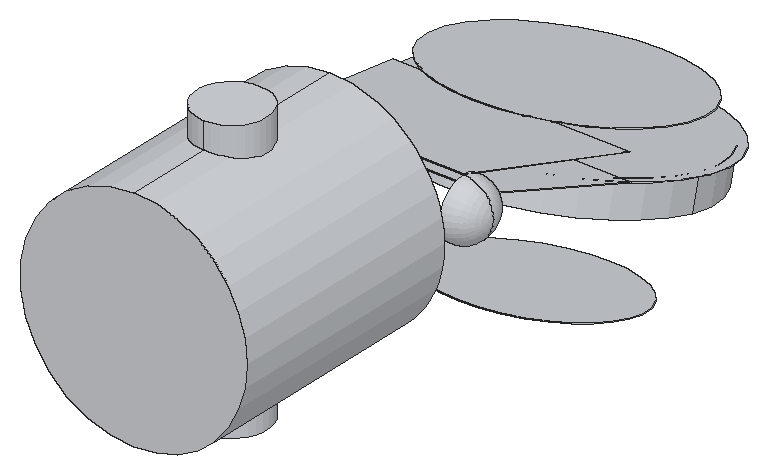
Revit family "LS_W_Praesenzmelder_V1700", category Lichtschalter, Revit 2017
Family settings
  Beschriftungsausrichtung beibehalten = Nein
  Bemaßung runder Anschluss = Durchmesser verwenden
  Teiletyp = Schalter
  OmniClass-Nummer = 23.80.70.00
  OmniClass-Titel = Lighting
  Arbeitsebenenbasiert = Nein
  Immer vertikal = Ja
  Beim Laden mit Abzugskörper schneiden = Nein
  Gemeinsam genutzt = Nein
  Raumberechnungspunkt = Nein
Parameters (values of type "Beleuchtung")
  pbr_Material_KZ = ""
  pbr_Material = none
  pbr_E_Typ = ""
  pbr_E_KZ = ""
  pbr_DINBild = 0
  pbr_Bild = 0
  pbr_3Dx_Delta_Korrekturversatz [instance] = 0 mm
  pbr_3DX_Versatzfaktor [instance] = 0
  pbr_2DY_Versatzfaktor [instance] = 0
  pbr_2DX_Versatzfaktor [instance] = 0
  lfd_STRK [instance] = 0
  cpiFitMatchKey [instance] = "E-BM"  # constant formula
  Zentrale [instance] = ""
  W_Präsenzmelder Beleuchtung = yes
  Typ [instance] = ""
  Text3 [instance] = ""
  Text2 [instance] = ""
  Text1 [instance] = ""
  Schaltgruppe2 [instance] = 0
  Schaltgruppe1 [instance] = 0
  Planungsbüro Rohling = "www.pbr.de"
  Netzart = ""
  Menge(Dosenzahl) [instance] = 0
  Linie/Anschluss [instance] = ""
  Lastklassifizierung = none
  Installationsart [instance] = ""
  Infrarot-Bewegungsmelder = no
  Info [instance] = ""
  Gewerk [instance] = "Schalt"
  Eckversatz [instance] = 0 mm
  YFrontversatz [instance] = if(pbr_2DY_Versatzfaktor = 300, 0 mm, pbr_2DY_Versatzfaktor * 300 mm)  # 0 mm
  XSeitenversatz [instance] = if(pbr_2DX_Versatzfaktor = 0, 3000 mm, 3000 mm + (pbr_2DX_Versatzfaktor * 300 mm)) + Eckversatz  # 3000 mm
  R_Leerrohranschluss = 10 mm
  Niveau [instance] = 1100 mm
  Dosentiefe = 70 mm  # constant formula
  Dosenradius = 65 mm / 2  # 32.5 mm
  D_Leerrohranschluss = 2 * R_Leerrohranschluss  # 20 mm
  Breite = 80 mm
  Bewegungsmelder Unterputz = no
  Bewegungsmelder Beleuchtung = no
  3DX_Versatzkontrolle [instance] = if(pbr_3DX_Versatzfaktor = 0, (pbr_2DX_Versatzfaktor * -1), (((-1 * pbr_3DX_Versatzfaktor) + pbr_2DX_Versatzfaktor) * -1))  # 0
  3DX_Versatz [instance] = if([3DX_Versatzkontrolle] = 0, 2000 mm, 2000 mm + ([3DX_Versatzkontrolle] * (300 mm - Breite))) + pbr_3Dx_Delta_Korrekturversatz  # 2000 mm
  Platzierrahmen [instance] = no
Reference planes
  plane 1 "Mitte (Vorne/Hinten)": y = 0
  plane 2: z = 0
  plane 3 "Mitte (Links/Rechts)": x = 0
  plane 4: x = -125
  plane 5: x = 125
  plane 6: y = 300
  plane 7 "Schalterhinten": y = 0
  plane 8: x = 0
  plane 9: x = -2000
  plane 10: x = -40
  plane 11: x = 40
  plane 12: z = 1140
  plane 13: z = 1060
  plane 14 "SchalterVorne": y = 5
  plane 15 "3DSchalterMitte": x = 0
  plane 16: z = 1100
  plane 17: y = -70
  plane 18: y = -35
Forms (mm)
  Sweep 1, solid
    path origin (0, 0, 0) x (0, 0, 1) y (0, -1, 0)
      loop
        line (1100, 0) -> (1100, 70)
    profile origin (0, -35, 1100) x (0, 0, -1) y (1, 0, 0)
      loop
        circle (0, 0) r 32.5
  Sweep 2, solid
    path origin (0, 0, 0) x (0, 0, 1) y (0, -1, 0)
      loop
        line (1060, 35) -> (1140, 35)
    profile origin (0, -35, 1100) x (0, -1, 0) y (1, 0, 0)
      loop
        circle (0, 0) r 10
  Extrusion 3, solid
    sketch origin (240, 79.594, 1075.606) x (1, 0, 0) y (0, 0.970143, -0.242536)
      loop
        circle (-240, 0) r 39.95
    from 0 to 10
  Extrusion 4, solid
    sketch origin (248.5, 14.5, 1091.5) x (1, 0, 0) y (0, 1, 0)
      loop
        line (-240, 0) -> (-257, 0) -> (-257, -14.5) -> (-240, -14.5) -> (-240, 0)
    from 0 to 17
  Extrusion 5, solid
    sketch origin (240, 82.019, 1085.308) x (1, 0, 0) y (0, 0.970143, -0.242536)
      loop
        circle (-240, 0) r 42.5
    from -0.1 to 0.1
  Extrusion 6, solid
    sketch origin (240, 84.444, 1095.009) x (1, 0, 0) y (0, 0.970143, -0.242536)
      loop
        circle (-240, 0) r 34.85
    from -0.1 to 0.1
  Extrusion 7, solid
    sketch origin (240, 72.56, 1047.472) x (1, 0, 0) y (0, 0.970143, -0.242536)
      loop
        circle (-240, 0) r 27.625
    from -0.1 to 0.1
  Extrusion 8, solid
    sketch origin (265.5, 15.75, 1108.5) x (1, 0, 0) y (0, -0.968051, 0.250755)
      loop
        line (-291, 0) -> (-299.362, -50.367) -> (-231.638, -50.367) -> (-240, 0) -> (-291, 0)
    from -0.1 to 0.1
  Extrusion 9, solid
    sketch origin (265.5, 24.25, 1100) x (1, 0, 0) y (0, -0.96859, 0.248665)
      loop
        line (-291, 0) -> (-302.306, -38.358) -> (-228.694, -38.358) -> (-240, 0) -> (-291, 0)
    from -0.1 to 0.1
  Revolve 10, solid
    sketch origin (214.5, 15.75, 1100) x (0, 0, 1) y (1, 0, 0)
      loop
        arc (-8.5, -240) -> (-6.01, -246.01) -> (0, -248.5) r 8.5
        line (0, -248.5) -> (0, -247.7)
        arc (0, -247.7) -> (-5.445, -245.445) -> (-7.7, -240) r 7.7
        line (-7.7, -240) -> (-8.5, -240)
      axis (0, -240) -> (0, -248.5)
    angle from 0 to 360
  Revolve 11, solid
    sketch origin (265.5, 15.75, 1100) x (0, 0, 1) y (1, 0, 0)
      loop
        arc (8.5, -240) -> (6.01, -233.99) -> (0, -231.5) r 8.5
        line (0, -231.5) -> (0, -232.3)
        arc (0, -232.3) -> (5.445, -234.555) -> (7.7, -240) r 7.7
        line (7.7, -240) -> (8.5, -240)
      axis (0, -240) -> (0, -231.5)
    angle from 0 to 360
Cuts and joins
  joined: Sweep 1, Sweep 2
Lines and regions (mm)
  model lines, visible <- "Platzierrahmen"
    curve 1: line (-125, 0, 0) -> (125, 0, 0)
    curve 2: line (-125, 300, 0) -> (-125, 0, 0)
    curve 3: line (125, 300, 0) -> (-125, 300, 0)
    curve 4: line (125, 0, 0) -> (125, 300, 0)
  model lines
    curve 5: arc (-33.862, 64.508, 1095.87) -> (0, 45.542, 1100.612) -> (33.862, 64.508, 1095.87) r 39.1
    curve 6: arc (-36.806, 61.403, 1090.462) -> (0, 40.788, 1095.616) -> (36.806, 61.403, 1090.462) r 42.5
  model lines, style "InvisibleLines"
    curve 7: line (0, 139.5, 1100) -> (0, -40.5, 1100)
  model lines, style "InvisibleLines", detail levels coarse
    curve 8: line (-60, -21.75, 1100) -> (70, -21.75, 1100)
Dimensions and locks
  plane 4 to plane 5 = 250 mm
  plane 6 to plane 7 "Schalterhinten" = 300 mm
  equal spacing: plane 4, plane 8, plane 5, locked at 125 each
  "YFrontversatz": plane 1 "Mitte (Vorne/Hinten)" to plane 7 "Schalterhinten"
  plane 11 to plane 10 = 80 mm
  plane 12 to plane 13 = 80 mm
  plane 8 to plane 9 = 2000 mm
  equal spacing: plane 11, plane 15 "3DSchalterMitte", plane 10
  "3DX_Versatz": plane 15 "3DSchalterMitte" to plane 9
  equal spacing: plane 12, plane 16, plane 13
  "Niveau": plane 16 to level
  "Dosentiefe": plane 1 "Mitte (Vorne/Hinten)" to plane 17
  plane 14 "SchalterVorne" to plane 1 "Mitte (Vorne/Hinten)" = 5 mm
  equal spacing: plane 17, plane 18, plane 1 "Mitte (Vorne/Hinten)"
  locked: plane 8 to plane 9 at 2000
  "Breite": plane 11 to plane 10
  "Dosenradius": radius of Sweep 1 sketch curve
  "R_Leerrohranschluss": radius of Sweep 2 sketch curve
  aligned and locked: level to plane 2
  aligned and locked: curve 1 to plane 7 "Schalterhinten"
  aligned and locked: curve 2 to plane 4
  aligned and locked: curve 3 to plane 6
  aligned and locked: plane 5 to curve 4
  aligned and locked: curve 7 to plane 15 "3DSchalterMitte"
  aligned and locked: plane 1 "Mitte (Vorne/Hinten)" to Extrusion 4
  aligned and locked: curve 7 to plane 16
  aligned and locked: nested 1 to plane 8
  aligned and locked: nested 1 to plane 7 "Schalterhinten"
Automatic sketch dimensions
  Sweep 1 sketch curve to plane 16 = 0 mm
  Sweep 1 sketch curve to plane 1 "Mitte (Vorne/Hinten)" = 0 mm
  Sweep 1 sketch curve to plane 17 = 0 mm
  Sweep 2 sketch curve to plane 13 = 0 mm
  plane 12 to Sweep 2 sketch curve = 0 mm
  Sweep 2 sketch curve to plane 18 = 0 mm
  Sweep 1 sketch curve to plane 15 "3DSchalterMitte" = 0 mm
  Sweep 1 sketch curve to profile plane = 0 mm
  Sweep 2 sketch curve to plane 15 "3DSchalterMitte" = 0 mm
  Sweep 2 sketch curve to profile plane = 0 mm
  Extrusion 4 sketch curve to Extrusion 4 sketch curve = 14.5 mm
  Extrusion 8 sketch curve to Extrusion 8 sketch curve = 50.367 mm
  Extrusion 9 sketch curve to Extrusion 9 sketch curve = 38.358 mm
  Revolve 10 sketch curve to Revolve 10 sketch curve = 0.8 mm
  Revolve 10 sketch curve to Revolve 10 sketch curve = 7.7 mm
  Revolve 10 sketch curve to Revolve 10 sketch curve = 0 mm  (x5)
  Revolve 11 sketch curve to Revolve 11 sketch curve = 7.7 mm
  Revolve 11 sketch curve to Revolve 11 sketch curve = 0.8 mm
  Revolve 11 sketch curve to Revolve 11 sketch curve = 0 mm  (x5)
  Extrusion 3 sketch curve to Extrusion 3 sketch curve = 39.95 mm
  Extrusion 4 sketch curve to Extrusion 4 sketch curve = 17 mm
  Extrusion 5 sketch curve to Extrusion 5 sketch curve = 42.5 mm
  Extrusion 6 sketch curve to Extrusion 6 sketch curve = 34.85 mm
  Extrusion 8 sketch curve to Extrusion 8 sketch curve = 8.362 mm  (x2)
  Extrusion 8 sketch curve to Extrusion 8 sketch curve = 51 mm
  Extrusion 9 sketch curve to Extrusion 9 sketch curve = 11.306 mm  (x2)
  Extrusion 9 sketch curve to Extrusion 9 sketch curve = 51 mm
  Extrusion 7 sketch curve to Extrusion 7 sketch curve = 27.625 mm
  Extrusion 3 sketch curve to Extrusion 3 sketch curve = 0 mm  (x2)
  Extrusion 3 sketch curve to plane 15 "3DSchalterMitte" = 0 mm
  plane 1 "Mitte (Vorne/Hinten)" to Extrusion 4 sketch curve = 0 mm
  Extrusion 4 sketch curve to plane 15 "3DSchalterMitte" = 8.5 mm
  Extrusion 5 sketch curve to Extrusion 5 sketch curve = 0 mm  (x2)
  Extrusion 5 sketch curve to plane 15 "3DSchalterMitte" = 0 mm
  Extrusion 6 sketch curve to Extrusion 6 sketch curve = 0 mm  (x2)
  Extrusion 6 sketch curve to plane 15 "3DSchalterMitte" = 0 mm
  Extrusion 7 sketch curve to Extrusion 7 sketch curve = 0 mm  (x2)
  Extrusion 7 sketch curve to plane 15 "3DSchalterMitte" = 0 mm
  plane 10 to Extrusion 8 sketch curve = 6.138 mm
  plane 10 to Extrusion 9 sketch curve = 3.194 mm
  Revolve 10 sketch curve to plane 16 = 0 mm
  plane 10 to Revolve 10 sketch curve = 6 mm
  Revolve 11 sketch curve to plane 16 = 0 mm
  Revolve 11 sketch curve to plane 11 = 14.5 mm
  curve 5 to plane 15 "3DSchalterMitte" = 0 mm
  plane 10 to curve 5 = 6.138 mm
  curve 5 to plane 11 = 6.138 mm
  curve 5 to curve 5 = 19.55 mm
  curve 6 to plane 15 "3DSchalterMitte" = 0 mm
  plane 10 to curve 6 = 3.194 mm
  curve 6 to plane 11 = 3.194 mm
  curve 6 to curve 6 = 21.25 mm
  curve 7 to plane 15 "3DSchalterMitte" = 0 mm
  curve 7 to plane 18 = 5.5 mm
  curve 8 to plane 10 = 20 mm
  plane 18 to curve 8 = 13.25 mm
  plane 11 to curve 8 = 30 mm
  curve 7 to plane 14 "SchalterVorne" = 134.5 mm
Nested families
  nested 1: "W_Präsenzmelder Beleuchtung" at (0, 0, 0), visible <- "W_Präsenzmelder Beleuchtung", type "W_Präsenzmelder Beleuchtung"
Connectors
  electrical at (0, -35, 1140)
    settings: on cut or joined group of Sweep 1, Sweep 2, index 3, voltage 230 V, apparent load 0 VA, apparent load phase1 0 VA, apparent load phase2 0 VA, apparent load phase3 0 VA, power factor 1, load classification "Standard", number of poles 1, system type 13, power factor state 1, is connector primary yes, connector utility no, sub classification motor no, connector description ""
  cabletrayconduit at (0, -35, 1140), diameter 20, driven by "D_Leerrohranschluss"
    settings: on cut or joined group of Sweep 1, Sweep 2, index 4, connector width 300 mm, connector height 300 mm, connector angle 0.00°, system type 32, placement type 0, profile type 0, connector reference index -1, is primary connector yes, connector utility param no, connector description ""
  cabletrayconduit at (0, -35, 1060), diameter 20, driven by "D_Leerrohranschluss"
    settings: on cut or joined group of Sweep 1, Sweep 2, index 5, connector width 300 mm, connector height 300 mm, connector angle 0.00°, system type 32, placement type 0, profile type 0, connector reference index -1, is primary connector no, connector utility param no, connector description ""
Definition of nested family "W_Präsenzmelder Beleuchtung"
  Reference planes
    plane 1 "Mitte (Vorne/Hinten)": y = 0
    plane 2: z = 0
    plane 3 "Mitte (Links/Rechts)": x = 0
  Lines and regions (mm)
    detail lines, in view "Referenzebene"
      curve 1: arc (81.076, 0, 0) -> (0, 81.076, 0) -> (-81.076, 0, 0) r 81.076
      curve 2: line (0, 81.076, 0) -> (0, 141.943, 0)
      curve 3: line (141.943, 0, 0) -> (81.076, 0, 0)
      curve 4: line (81.076, 0, 0) -> (-81.076, 0, 0)
      curve 5: line (-81.076, 0, 0) -> (-141.943, 0, 0)
      curve 6: line (-100.369, 100.369, 0) -> (-57.329, 57.329, 0)
      curve 7: line (100.369, 100.369, 0) -> (57.329, 57.329, 0)
